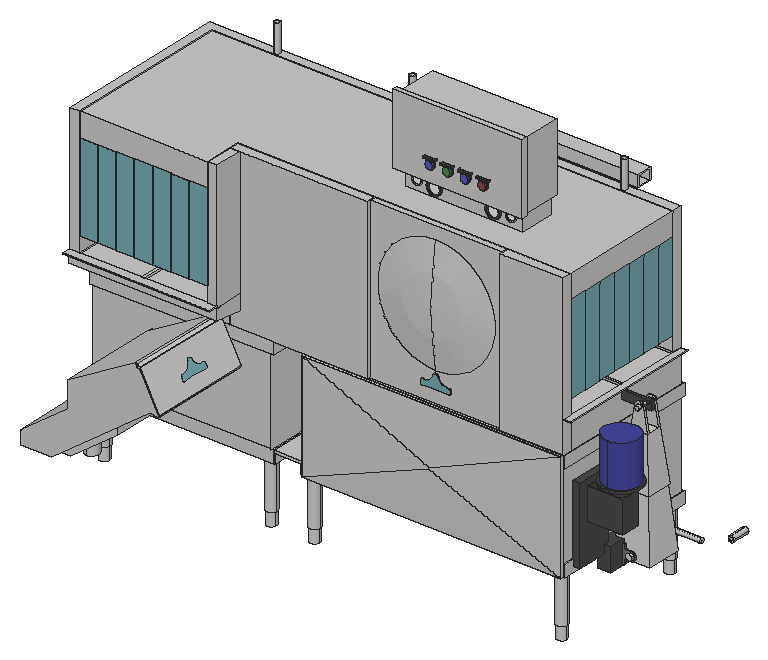
Revit family
Parameters (values of type "480/60/3")
  Width = 6' - 8"
  Weight in Pounds = 1450
  Watts = 15000 W
  Watermarked By = "http://revitwatermark.com"
  Waste Water Discharge Temperature [instance] = -459.67 °F
  Volts = 480 V
  Ventilation Remarks [instance] = ""
  URL Cutsheet = ""
  URL = "www.stero.com"
  Total Height = 5' - 10 1/2"
  Table Height = 2' - 10"
  Swing Doors [instance] = no
  Steam Supply Volume [instance] = 0.00 GPM
  Steam Supply Size = 3/4"
  Steam Supply RI Height [instance] = 0' - 0"
  Steam Supply Minimum Pressure = 15.00 psi
  Steam Supply Maximum Pressure = 40.00 psi
  Steam Supply Connection Height = 0' - 10"
  Steam Pounds per Hour = 100
  Status [instance] = ""
  Standard Doors [instance] = not(Swing Doors)  # yes
  Specification by User [instance] = ""
  Specification by Manufacturer = ""
  Serial Number [instance] = ""
  Seismic Rating [instance] = ""
  SMACNA No [instance] = ""
  Right Ventilation Remarks [instance] = ""
  Right Vent [instance] = no
  Right Exhaust Volume [instance] = if(Right Vent, 400 CFM, 0 CFM)  # 0 CFM
  Right Exhaust Vent Width = 0' - 3 7/8"
  Right Exhaust Vent Text = "Vent, Unload End"
  Right Exhaust Vent Depth = 2' - 0 7/8"
  Right Exhaust Static Press = 0.00 in-wg
  Right Exhaust RI Height [instance] = 0' - 0"
  Right Exhaust Item Number [instance] = "-"
  Right Drain [instance] = no
  Revision Code [instance] = ""
  Plumbing Remarks [instance] = ""
  Plumbing Connection Type [instance] = ""
  Phase = 3
  Number of Poles [instance] = 3
  No Left Vent [instance] = not(Left Vent)  # yes
  NAFEM Spec ID Number [instance] = ""
  Model = "ER-76SC"
  Mechanical Remarks [instance] = ""
  Mechanical Connection Type [instance] = ""
  Masterspec = ""
  Manufacturer = "Stero"
  Machine Height = 4' - 7 1/2"
  Left Vent [instance] = no
  Left Drain [instance] = not(Right Drain)  # yes
  Item Number [instance] = "-"
  Installed By [instance] = ""
  Indirect Waste Size = 2"
  Indirect Waste Flow [instance] = 0.00 GPM
  Indirect Waste Connection Type [instance] = ""
  Indirect Waste Connection Height = 0' - 6"
  Hot Water Temperature = 180 °F
  Hot Water Size = 3/4"
  Hot Water RI Height [instance] = 0' - 0"
  Hot Water Minimum Pressure = 20.00 psi
  Hot Water Maximum Pressure = 20.00 psi
  Hot Water Flow = 1.97 GPM
  Hot Water Consumption = 1.97 GPM
  Hot Water Connection Height = 5' - 0"
  HP = "3.58"
  Furnished By [instance] = ""
  Foodservice Equipment Identifier [instance] = yes
  FL Amps = 25 A
  Exhaust Volume [instance] = if(Left Vent, 200 CFM, 0 CFM)  # 0 CFM
  Exhaust Vent Width = 2' - 0 7/8"
  Exhaust Vent Text = "Vent, Load End"
  Exhaust Vent Depth = 0' - 3 7/8"
  Exhaust Static Press = 0.00 in-wg
  Exhaust RI Height [instance] = 0' - 0"
  Electrical Remarks [instance] = ""
  Electric Connection Type [instance] = ""
  Elec Conn RI Height [instance] = 0' - 0"
  Elec Conn Connection Height = 5' - 8 1/2"
  Double Door Opening [instance] = if(Swing Doors, 3' 0", 1' 10 1/2")  # 1' - 10 1/2"
  Description = "Rack Conveyor Series"
  Depth = 2' - 5 3/4"
  Cycle = 60 Hz
  Conn Conduit = yes
  Condensate Return Size = 1/2"
  Condensate Return RI Height [instance] = 0' - 0"
  Condensate Return Connection Height = 0' - 8"
  Cold Water Temperature Recommended [instance] = -459.67 °F
  Cold Water Size = 3/4"
  Cold Water RI Height [instance] = 0' - 0"
  Cold Water Minimum Pressure [instance] = 0.00 psi
  Cold Water Maximum Pressure [instance] = 0.00 psi
  Cold Water Flow [instance] = 0.00 GPM
  Cold Water Consumption [instance] = ""
  Cold Water Connection Height = 5' - 0"
  CSI MasterFormat = "11 48 13"
  Building Plumbing Remarks [instance] = ""
  Building Hot Water Temperature = 140 °F
  Building Hot Water Size = 3/4"
  Building Hot Water RI Height [instance] = 0' - 0"
  Building Hot Water Minimum Pressure [instance] = 0.00 psi
  Building Hot Water Maximum Pressure [instance] = 0.00 psi
  Building Hot Water Flow [instance] = 0.00 GPM
  Building Hot Water Consumption [instance] = 0.00 GPM
  Building Hot Water Connection Height = 5' - 0"
  Building HW Item Number [instance] = "-"
  Assembly Code = "E1090320"
  Apparent Power = if(Phase = 3, Volts * FL Amps * 1.73, Volts * FL Amps)  # 20760 VA
Reference planes (in)
  plane 1: z = 0
  plane 2 "Left of 44": x = 2.32772
  plane 3 "BACK": y = -48
  plane 4 "TOP": z = 70.5
  plane 5 "RIGHT": x = 46.32772
  plane 6 "Front of 44": y = -73
  plane 7 "Left of Top": x = 2.57772
  plane 8 "Right of Top": x = 46.07772
  plane 9 "Right of Ledge": x = 47.57772
  plane 10 "Right End Cowl": x = 56.07772
  plane 11: x = 49.14022
  plane 12 "Bottom of Machine": z = 10
  plane 13 "Table Height": z = 34
  plane 14 "Top of Machine": z = 55.5
  plane 15 "Panel Top": z = 28.5
  plane 16: z = 12
  plane 17: y = -73.5
  plane 18: y = -47.5
  plane 19: x = 2.07772
  plane 20: x = 46.57772
  plane 21: y = -49.625
  plane 22: y = -71.375
  plane 23 "Door Center": x = 24.32772
  plane 24: x = 13.07772
  plane 25: x = 35.57772
  plane 26 "Top of Opening": z = 51.5
  plane 27: z = 2.25
  plane 28: x = 14.32772
  plane 29: x = 34.32772
  plane 30: x = 13.32772
  plane 31: x = 35.32772
  plane 32 "Front of Lower Panel": y = -66.5
  plane 33: y = -60.5
  plane 34: y = -67
  plane 35 "Back of Panel": y = -60
  plane 36 "Front of Upper Panel": y = -68
  plane 37: x = 13.82772
  plane 38: x = 34.82772
  plane 39: x = 55.95272
  plane 40: x = 53.01522
  plane 41: y = -48.0625
  plane 42: y = -72.9375
  plane 43 "Top of Vents": z = 59.5
  plane 44: x = 9.82772
  plane 45: x = 38.82772
  plane 46: y = -45
  plane 47: z = 57.5
  plane 48: y = -43
  plane 49: z = 84.5
  plane 50 "LEFT": x = -33.67228
  plane 51: x = -34.04728
  plane 52: x = -3.29728
  plane 53: x = -2.92228
  plane 54 "FRONT": y = -77.75
  plane 55: y = -79.25
  plane 56: y = -77.9375
  plane 57: y = -80.8125
  plane 58: y = -84.6875
  plane 59: y = -87.75
  plane 60: y = -87.625
  plane 61: x = -32.04728
  plane 62: x = -10.29728
  plane 63: x = -8.67228
  plane 64: y = -73.8125
  plane 65: y = -91
  plane 66: z = 19.25
  plane 67: z = 23.25
  plane 68: x = -23.54728
  plane 69: x = -19.54728
  plane 70 "Drain": y = -51
  plane 71: y = -80
  plane 72: x = -28.17228
  plane 73: z = 8.5
  plane 74: x = -34.67228
  plane 75: x = 52.32772
  plane 76: x = 57.32772
  plane 77: z = 8
  plane 78: x = 13.32772
  plane 79: x = 35.32772
  plane 80: x = 25.76522
  plane 81: x = 24.39022
  plane 82: x = 24.26522
  plane 83: x = 22.89022
Forms (in)
  Extrusion 1, solid, material "QF_Finishes_Stainless Steel"
    sketch origin (0, 0, 10) x (0, 1, 0) y (-1, 0, 0)
      loop
        line (-47.5, -2.07772) -> (-73, -2.07772) -> (-73, -46.57772) -> (-47.5, -46.57772) -> (-47.5, -2.07772)
    from 0 to 2
  Extrusion 2, solid, material "QF_Finishes_Stainless Steel"
    sketch origin (0, 0, 28.5) x (0, 1, 0) y (-1, 0, 0)
      loop
        line (-48, -2.32772) -> (-73, -2.32772) -> (-73, -46.32772) -> (-48, -46.32772) -> (-48, -2.32772)
    from -2 to -16.5
  Extrusion 3, solid, material "QF_Finishes_Stainless Steel"
    sketch origin (0, 0, 34) x (0, 1, 0) y (-1, 0, 0)
      loop
        line (-48, -46.32772) -> (-73, -46.32772) -> (-73, -47.57772) -> (-48, -47.57772) -> (-48, -46.32772)
    from 0 to -0.125
  Extrusion 4, solid, material "QF_Finishes_Stainless Steel"
    sketch origin (0, 0, 34) x (0, 1, 0) y (-1, 0, 0)
      loop
        line (-48, 33.67228) -> (-73, 33.67228) -> (-73, 10.29728) -> (-71.375, 10.29728) -> (-71.375, -46.32772) -> (-48, -46.32772) -> (-48, 33.67228)
    from -0.25 to -5.5
  Extrusion 5, solid, material "QF_Finishes_Stainless Steel"
    sketch origin (0, 0, 34) x (0, 1, 0) y (-1, 0, 0)
      loop
        arc (-60.25, 17.92228) -> (-61.27513, 20.39716) -> (-63.75, 21.42228) r 3.5
        line (-63.75, 21.42228) -> (-77.75, 21.42228) -> (-77.75, 20.92228) -> (-63.75, 20.92228)
        arc (-63.75, 20.92228) -> (-61.62868, 20.0436) -> (-60.75, 17.92228) r 3
        line (-60.75, 17.92228) -> (-60.75, -46.32772) -> (-60.25, -46.32772) -> (-60.25, 17.92228)
      loop
        line (-48, 33.67228) -> (-77.75, 33.67228) -> (-77.75, 32.04728) -> (-49.625, 32.04728) -> (-49.625, -46.32772) -> (-48, -46.32772) -> (-48, 33.67228)
    from 0 to -0.25
  Extrusion 6, solid, material "QF_Finishes_Stainless Steel"
    sketch origin (0, 0, 55.5) x (0, 1, 0) y (-1, 0, 0)
      loop
        line (-49.625, 32.04728) -> (-77.75, 32.04728) -> (-77.75, 10.29728) -> (-71.375, 10.29728) -> (-71.375, -46.32772) -> (-49.625, -46.32772) -> (-49.625, 32.04728)
    from 0 to -4
  Extrusion 7, solid, material "QF_Finishes_Stainless Steel"
    sketch origin (0, 0, 55.5) x (0, 1, 0) y (-1, 0, 0)
      loop
        line (-48, 33.67228) -> (-77.75, 33.67228) -> (-77.75, 32.04728) -> (-49.625, 32.04728) -> (-49.625, -46.32772) -> (-48, -46.32772) -> (-48, 33.67228)
    from 0 to -21.5
  Blend 8, solid, material "QF_Finishes_Stainless Steel"
    base sketch origin (-15.01335, -74, 48) x (-1, 0, 0) y (0, 0, 1)
      loop
        line (-17.34107, -19.5) -> (-61.34107, -19.5) -> (-61.34107, -38) -> (-17.34107, -38) -> (-17.34107, -19.5)
    top sketch origin (-15.01335, -74, 48) x (-1, 0, 0) y (0, 0, 1)
      loop
        line (-39.37232, -28.71875) -> (-39.37232, -28.78125) -> (-39.30982, -28.78125) -> (-39.30982, -28.71875) -> (-39.37232, -28.71875)
    from 0.5 to 0
  Extrusion 9, solid, material "QF_Finishes_Stainless Steel"
    sketch origin (0, 0, 10) x (0, 1, 0) y (-1, 0, 0)
      loop
        line (-73, -2.32772) -> (-73.5, -2.32772) -> (-73.5, -46.32772) -> (-73, -46.32772) -> (-73, -2.32772)
    from 0 to 18.5
  Extrusion 10, solid, material "QF_Finishes_Stainless Steel"
    sketch origin (0, -73, 0) x (-1, 0, 0) y (0, 0, 1)
      loop
        line (-35.57772, 55.5) -> (-46.32772, 55.5) -> (-46.32772, 28.5) -> (-35.57772, 28.5) -> (-35.57772, 55.5)
    from 0 to 1.625
  Extrusion 11, solid, material "QF_Finishes_Stainless Steel", visible <- "Standard Doors"
    sketch origin (0, 0, 55.5) x (0, 1, 0) y (-1, 0, 0)
      loop
        line (-71.375, -13.07772) -> (-72.5, -13.07772) -> (-72.5, -35.57772) -> (-71.375, -35.57772) -> (-71.375, -13.07772)
    from 0 to -27
  Revolve 12, solid, material "QF_Finishes_Stainless Steel", visible <- "Standard Doors"
    sketch origin (24.32772, 0, 0) x (0, 1, 0) y (0, 0, 1)
      loop
        line (-72.5, 43.5) -> (-72.5, 53.5)
        arc (-72.5, 53.5) -> (-73.26244, 48.52624) -> (-73.5, 43.5) r 48
        line (-73.5, 43.5) -> (-72.5, 43.5)
      axis (-72.5, 43.5) -> (-73.5, 43.5)
    angle from 0 to 360
  Extrusion 13, solid, material "QF_Finishes_Stainless Steel"
    sketch origin (0, 0, 0) x (1, 0, 0) y (0, 1, 0)
      loop
        circle (3.32772, -49) r 0.8125
    from 0 to 2.25
  Extrusion 14, solid, material "QF_Finishes_Stainless Steel"
    sketch origin (0, 0, 0) x (1, 0, 0) y (0, 1, 0)
      loop
        circle (3.32772, -49) r 0.9375
    from 2.25 to 10
  Extrusion 15, solid, material "QF_Finishes_Stainless Steel"
    sketch origin (48.65544, 0, 0) x (-1, 0, 0) y (0, -1, 0)
      loop
        circle (3.32772, 49) r 0.8125
    from 0 to 2.25
  Extrusion 16, solid, material "QF_Finishes_Stainless Steel"
    sketch origin (48.65544, 0, 0) x (-1, 0, 0) y (0, -1, 0)
      loop
        circle (3.32772, 49) r 0.9375
    from 2.25 to 10
  Extrusion 17, solid, material "QF_Finishes_Stainless Steel"
    sketch origin (0, -121, 0) x (1, 0, 0) y (0, 1, 0)
      loop
        circle (3.32772, 49) r 0.8125
    from 0 to 2.25
  Extrusion 18, solid, material "QF_Finishes_Stainless Steel"
    sketch origin (0, -121, 0) x (1, 0, 0) y (0, 1, 0)
      loop
        circle (3.32772, 49) r 0.9375
    from 2.25 to 10
  Extrusion 19, solid, material "QF_Finishes_Stainless Steel"
    sketch origin (48.65544, -121, 0) x (-1, 0, 0) y (0, -1, 0)
      loop
        circle (3.32772, -49) r 0.8125
    from 0 to 2.25
  Extrusion 20, solid, material "QF_Finishes_Stainless Steel"
    sketch origin (48.65544, -121, 0) x (-1, 0, 0) y (0, -1, 0)
      loop
        circle (3.32772, -49) r 0.9375
    from 2.25 to 10
  Extrusion 21, solid, material "QF_Finishes_Light Blue"
    sketch origin (0, 0, 51.5) x (0, 1, 0) y (-1, 0, 0)
      loop
        line (-49.625, -46.32772) -> (-49.625, -46.20272) -> (-52.625, -46.20272) -> (-52.625, -46.32772) -> (-49.625, -46.32772)
      loop
        line (-52.75, -46.32772) -> (-52.75, -46.20272) -> (-55.75, -46.20272) -> (-55.75, -46.32772) -> (-52.75, -46.32772)
      loop
        line (-55.875, -46.32772) -> (-55.875, -46.20272) -> (-58.875, -46.20272) -> (-58.875, -46.32772) -> (-55.875, -46.32772)
      loop
        line (-59, -46.32772) -> (-59, -46.20272) -> (-62, -46.20272) -> (-62, -46.32772) -> (-59, -46.32772)
      loop
        line (-62.125, -46.32772) -> (-62.125, -46.20272) -> (-65.125, -46.20272) -> (-65.125, -46.32772) -> (-62.125, -46.32772)
      loop
        line (-65.25, -46.32772) -> (-65.25, -46.20272) -> (-68.25, -46.20272) -> (-68.25, -46.32772) -> (-65.25, -46.32772)
      loop
        line (-68.375, -46.32772) -> (-68.375, -46.20272) -> (-71.375, -46.20272) -> (-71.375, -46.32772) -> (-68.375, -46.32772)
    from 0 to -15
  Extrusion 22, solid, material "QF_Finishes_Stainless Steel"
    sketch origin (0, 0, 55.5) x (0, 1, 0) y (-1, 0, 0)
      loop
        line (-60.5, -14.32772) -> (-66.5, -14.32772) -> (-66.5, -34.32772) -> (-60.5, -34.32772) -> (-60.5, -14.32772)
    from 0 to 3.5
  Extrusion 23, solid, material "QF_Finishes_Stainless Steel"
    sketch origin (0, 0, 55.5) x (0, 1, 0) y (-1, 0, 0)
      loop
        line (-60, -13.82772) -> (-67, -13.82772) -> (-67, -34.82772) -> (-60, -34.82772) -> (-60, -13.82772)
    from 3 to 14.5
  Extrusion 24, solid, material "QF_Finishes_Stainless Steel"
    sketch origin (0, 0, 55.5) x (0, 1, 0) y (-1, 0, 0)
      loop
        line (-67, -13.32772) -> (-68, -13.32772) -> (-68, -35.32772) -> (-67, -35.32772) -> (-67, -13.32772)
    from 3 to 15
  Extrusion 25, solid, material "QF_Finishes_Black"
    sketch origin (0, -66.5, 0) x (-1, 0, 0) y (0, 0, 1)
      loop
        circle (-19.32772, 57) r 1.25
      loop
        circle (-19.32772, 57) r 1
    from 0 to -0.25
  Extrusion 26, solid, material "QF_Finishes_Stainless Steel"
    sketch origin (0, -66.5, 0) x (-1, 0, 0) y (0, 0, 1)
      loop
        circle (-16.32772, 57.25) r 0.75
      loop
        circle (-16.32772, 57.25) r 0.875
    from 0 to -0.125
  Extrusion 27, solid, material "QF_Finishes_White"
    sketch origin (0, -66.5, 0) x (-1, 0, 0) y (0, 0, 1)
      loop
        circle (-16.32772, 57.25) r 0.75
    from 0 to -0.0625
  Extrusion 28, solid, material "QF_Finishes_White"
    sketch origin (0, -66.5, 0) x (-1, 0, 0) y (0, 0, 1)
      loop
        circle (-19.32772, 57) r 1
    from 0 to -0.0625
  Extrusion 29, solid, material "QF_Finishes_Black"
    sketch origin (48.65544, -66.5, 0) x (1, 0, 0) y (0, 0, -1)
      loop
        circle (-19.32772, -57) r 1.25
      loop
        circle (-19.32772, -57) r 1
    from 0 to -0.25
  Extrusion 30, solid, material "QF_Finishes_Stainless Steel"
    sketch origin (48.65544, -66.5, 0) x (1, 0, 0) y (0, 0, -1)
      loop
        circle (-16.32772, -57.25) r 0.75
      loop
        circle (-16.32772, -57.25) r 0.875
    from 0 to -0.125
  Extrusion 31, solid, material "QF_Finishes_White"
    sketch origin (48.65544, -66.5, 0) x (1, 0, 0) y (0, 0, -1)
      loop
        circle (-16.32772, -57.25) r 0.75
    from 0 to -0.0625
  Extrusion 32, solid, material "QF_Finishes_White"
    sketch origin (48.65544, -66.5, 0) x (1, 0, 0) y (0, 0, -1)
      loop
        circle (-19.32772, -57) r 1
    from 0 to -0.0625
  Extrusion 33, solid, material "QF_Finishes_Black"
    sketch origin (0, -68, 0) x (-1, 0, 0) y (0, 0, 1)
      loop
        line (-23.82772, 62.5) -> (-23.82772, 62.25) -> (-21.82772, 62.25) -> (-21.82772, 62.5) -> (-23.82772, 62.5)
      loop
        line (-20.82772, 62.5) -> (-20.82772, 62.25) -> (-18.82772, 62.25) -> (-18.82772, 62.5) -> (-20.82772, 62.5)
      loop
        line (-24.82772, 62.5) -> (-26.82772, 62.5) -> (-26.82772, 62.25) -> (-24.82772, 62.25) -> (-24.82772, 62.5)
      loop
        line (-27.82772, 62.5) -> (-29.82772, 62.5) -> (-29.82772, 62.25) -> (-27.82772, 62.25) -> (-27.82772, 62.5)
    from 0 to -0.5
  Extrusion 34, solid, material "QF_Finishes_Navy Blue"
    sketch origin (0, -68, 0) x (-1, 0, 0) y (0, 0, 1)
      loop
        circle (-19.82772, 61.375) r 0.625
    from -0.125 to -0.375
  Extrusion 35, solid, material "QF_Finishes_LED Green"
    sketch origin (3, -68, 0) x (-1, 0, 0) y (0, 0, 1)
      loop
        circle (-19.82772, 61.375) r 0.625
    from -0.125 to -0.375
  Extrusion 36, solid, material "QF_Finishes_Navy Blue"
    sketch origin (6, -68, 0) x (-1, 0, 0) y (0, 0, 1)
      loop
        circle (-19.82772, 61.375) r 0.625
    from -0.125 to -0.375
  Extrusion 37, solid, material "QF_Finishes_LED Red"
    sketch origin (9, -68, 0) x (-1, 0, 0) y (0, 0, 1)
      loop
        circle (-19.82772, 61.375) r 0.625
    from -0.125 to -0.375
  Extrusion 38, solid, material "QF_Finishes_Black"
    sketch origin (0, -68, 0) x (-1, 0, 0) y (0, 0, 1)
      loop
        arc (-20.57772, 61.375) -> (-19.82772, 60.625) -> (-19.07772, 61.375) r 0.75
        line (-19.07772, 61.375) -> (-19.07772, 62.25) -> (-20.57772, 62.25) -> (-20.57772, 61.375)
      loop
        arc (-23.57772, 61.375) -> (-22.82772, 60.625) -> (-22.07772, 61.375) r 0.75
        line (-22.07772, 61.375) -> (-22.07772, 62.25) -> (-23.57772, 62.25) -> (-23.57772, 61.375)
      loop
        arc (-26.57772, 61.375) -> (-25.82772, 60.625) -> (-25.07772, 61.375) r 0.75
        line (-25.07772, 61.375) -> (-25.07772, 62.25) -> (-26.57772, 62.25) -> (-26.57772, 61.375)
      loop
        arc (-29.57772, 61.375) -> (-28.82772, 60.625) -> (-28.07772, 61.375) r 0.75
        line (-28.07772, 61.375) -> (-28.07772, 62.25) -> (-29.57772, 62.25) -> (-29.57772, 61.375)
    from 0 to -0.125
  Extrusion 39, solid, material "QF_Finishes_Light Blue", visible <- "Standard Doors"
    sketch origin (0, -73, 0) x (-1, 0, 0) y (0, 0, 1)
      loop
        line (-23.71645, 30.65632) -> (-22.08461, 30.57309)
        arc (-22.08461, 30.57309) -> (-21.90443, 30.64773) -> (-21.82979, 30.82792) r 0.25483
        line (-21.82979, 30.82792) -> (-21.82979, 31.31285)
        arc (-21.82979, 31.31285) -> (-21.90343, 31.49062) -> (-22.08121, 31.56426) r 0.25142
        arc (-22.08121, 31.56426) -> (-23.22593, 31.7803) -> (-23.90311, 32.72819) r 1.56264
        arc (-23.90311, 32.72819) -> (-24.31726, 33.06213) -> (-24.74741, 32.74907) r 0.43733
        arc (-24.74741, 32.74907) -> (-25.42049, 31.78611) -> (-26.57423, 31.56426) r 1.56264
        arc (-26.57423, 31.56426) -> (-26.75201, 31.49062) -> (-26.82565, 31.31285) r 0.25142
        line (-26.82565, 31.31285) -> (-26.82565, 30.82792)
        arc (-26.82565, 30.82792) -> (-26.75101, 30.64773) -> (-26.57082, 30.57309) r 0.25483
        line (-26.57082, 30.57309) -> (-24.93898, 30.65632)
        arc (-24.93898, 30.65632) -> (-24.32772, 30.6719) -> (-23.71645, 30.65632) r 12
    from 0.5 to 0.4375
  Extrusion 40, solid, material "QF_Finishes_Stainless Steel", visible <- "Right Vent"
    sketch origin (46.07772, 0, 0) x (0, -1, 0) y (0, 0, 1)
      loop
        line (73, 55.5) -> (48, 55.5) -> (48, 50.5625) -> (49.625, 48.9375) -> (49.625, 49.11428) -> (48.125, 50.61428) -> (48.125, 55.375) -> (72.875, 55.375) -> (72.875, 39.17678) -> (71.375, 37.67678) -> (71.375, 37.5) -> (73, 39.125) -> (73, 55.5)
    from 0 to -9.875
  Extrusion 41, solid, material "QF_Finishes_Stainless Steel", visible <- "Right Vent"
    sketch origin (56.07772, 0, 0) x (0, 1, 0) y (0, 0, 1)
      loop
        line (-71.375, 37.5) -> (-71.375, 51.5) -> (-49.625, 51.5) -> (-49.625, 48.9375) -> (-48, 50.5625) -> (-48, 55.5) -> (-73, 55.5) -> (-73, 39.125) -> (-71.375, 37.5)
    from 0 to -0.125
  Extrusion 42, solid, material "QF_Finishes_Stainless Steel", visible <- "Right Vent"
    sketch origin (48.65544, 0, 55.5) x (0, 1, 0) y (-1, 0, 0)
      loop
        line (-48.0625, -4.35978) -> (-48.0625, -0.48478) -> (-72.9375, -0.48478) -> (-72.9375, -4.35978) -> (-48.0625, -4.35978)
      loop
        line (-48.1875, -4.23478) -> (-48.1875, -0.60978) -> (-72.8125, -0.60978) -> (-72.8125, -4.23478) -> (-48.1875, -4.23478)
    from 0 to 4
  Extrusion 43, void
    sketch origin (0, 0, 55.5) x (0, 1, 0) y (-1, 0, 0)
      loop
        line (-48.1875, -49.26522) -> (-72.8125, -49.26522) -> (-72.8125, -52.89022) -> (-48.1875, -52.89022) -> (-48.1875, -49.26522)
    from 0 to -0.125
  Extrusion 44, solid, material "QF_Finishes_Black"
    sketch origin (0, -73, 0) x (-1, 0, 0) y (0, 0, 1)
      loop
        line (-46.57772, 12) -> (-46.32772, 12) -> (-46.32772, 23.9375) -> (-47.70272, 23.9375) -> (-47.70272, 10.9375) -> (-46.57772, 10.9375) -> (-46.57772, 12)
    from 1.8125 to 7.8125
  Extrusion 45, solid, material "QF_Finishes_Black"
    sketch origin (0, 0, 10) x (0, 1, 0) y (-1, 0, 0)
      loop
        line (-66.875, -52.32772) -> (-66.875, -47.95272) -> (-69.5, -47.95272) -> (-69.5, -52.32772)
        arc (-69.5, -52.32772) -> (-68.1875, -51.01522) -> (-66.875, -52.32772) r 1.3125
      loop
        line (-69.75, -53.95272) -> (-66.625, -53.95272) -> (-66.625, -47.70272) -> (-69.75, -47.70272) -> (-69.75, -53.95272)
    from 7.6875 to 12.9375
  Extrusion 46, solid, material "QF_Finishes_Black"
    sketch origin (0, 0, 10) x (0, 1, 0) y (-1, 0, 0)
      loop
        circle (-68.1875, -52.32772) r 1.0625
    from 7.1875 to 7.6875
  Extrusion 47, solid, material "QF_Finishes_Black"
    sketch origin (0, 0, 10) x (0, 1, 0) y (-1, 0, 0)
      loop
        circle (-68.1875, -52.32772) r 1.3125
    from 12.9375 to 13.4375
  Blend 48, solid, material "QF_Finishes_Black"
    base sketch origin (0, 0, 10) x (0, 1, 0) y (-1, 0, 0)
      loop
        circle (-68.1875, -52.32772) r 1.3125
    top sketch origin (0, 0, 10) x (0, 1, 0) y (-1, 0, 0)
      loop
        circle (-68.1875, -52.32772) r 2.0625
    from 13.4375 to 14.4375
  Extrusion 49, solid, material "QF_Finishes_Black"
    sketch origin (0, 0, 10) x (0, 1, 0) y (-1, 0, 0)
      loop
        circle (-68.1875, -52.32772) r 3.25
    from 14.4375 to 14.8125
  Extrusion 50, solid, material "QF_Finishes_Blue"
    sketch origin (0, 0, 10) x (0, 1, 0) y (-1, 0, 0)
      loop
        circle (-68.1875, -52.32772) r 2.875
    from 14.8125 to 21.9375
  Extrusion 51, solid, material "QF_Finishes_Black"
    sketch origin (0, -73, 0) x (-1, 0, 0) y (0, 0, 1)
      loop
        line (-46.32772, 33.1875) -> (-51.57772, 33.1875) -> (-51.57772, 31.6875) -> (-46.32772, 31.6875) -> (-46.32772, 33.1875)
      loop
        circle (-50.32772, 32.4375) r 0.375
    from 12.3125 to 12.6875
  Extrusion 52, solid, material "QF_Finishes_Black"
    sketch origin (0, -73, 0) x (-1, 0, 0) y (0, 0, 1)
      loop
        line (-46.32772, 12) -> (-46.32772, 12.4375) -> (-48.82772, 12.4375) -> (-48.82772, 8.4375) -> (-46.57772, 8.4375) -> (-46.57772, 12) -> (-46.32772, 12)
    from 7 to 18
  Extrusion 53, solid, material "QF_Finishes_Dark Grey"
    sketch origin (0, -73, 0) x (-1, 0, 0) y (0, 0, 1)
      loop
        line (-48.82772, 12.125) -> (-49.07772, 12.125)
        arc (-49.07772, 12.125) -> (-49.2545, 12.05178) -> (-49.32772, 11.875) r 0.25
        line (-49.32772, 11.875) -> (-49.32772, 11.5625)
        arc (-49.32772, 11.5625) -> (-49.43755, 11.29733) -> (-49.70272, 11.1875) r 0.375
        line (-49.70272, 11.1875) -> (-50.32772, 11.1875)
        arc (-50.32772, 11.1875) -> (-51.07772, 10.4375) -> (-50.32772, 9.6875) r 0.75
        line (-50.32772, 9.6875) -> (-49.70272, 9.6875)
        arc (-49.70272, 9.6875) -> (-49.43755, 9.57767) -> (-49.32772, 9.3125) r 0.375
        line (-49.32772, 9.3125) -> (-49.32772, 9)
        arc (-49.32772, 9) -> (-49.2545, 8.82322) -> (-49.07772, 8.75) r 0.25
        line (-49.07772, 8.75) -> (-48.82772, 8.75) -> (-48.82772, 12.125)
      loop
        circle (-50.32772, 10.4375) r 0.5
    from 9.375 to 9.5
  Extrusion 54, solid, material "QF_Finishes_Dark Grey"
    sketch origin (0, -66.875, 0) x (-1, 0, 0) y (0, 0, 1)
      loop
        line (-48.82772, 12.125) -> (-49.07772, 12.125)
        arc (-49.07772, 12.125) -> (-49.2545, 12.05178) -> (-49.32772, 11.875) r 0.25
        line (-49.32772, 11.875) -> (-49.32772, 11.5625)
        arc (-49.32772, 11.5625) -> (-49.43755, 11.29733) -> (-49.70272, 11.1875) r 0.375
        line (-49.70272, 11.1875) -> (-50.32772, 11.1875)
        arc (-50.32772, 11.1875) -> (-51.07772, 10.4375) -> (-50.32772, 9.6875) r 0.75
        line (-50.32772, 9.6875) -> (-49.70272, 9.6875)
        arc (-49.70272, 9.6875) -> (-49.43755, 9.57767) -> (-49.32772, 9.3125) r 0.375
        line (-49.32772, 9.3125) -> (-49.32772, 9)
        arc (-49.32772, 9) -> (-49.2545, 8.82322) -> (-49.07772, 8.75) r 0.25
        line (-49.07772, 8.75) -> (-48.82772, 8.75) -> (-48.82772, 12.125)
      loop
        circle (-50.32772, 10.4375) r 0.5
    from 9.375 to 9.5
  Extrusion 55, solid, material "QF_Finishes_Stainless Steel"
    sketch origin (0, -73, 0) x (-1, 0, 0) y (0, 0, 1)
      loop
        circle (-50.32772, 32.4375) r 0.375
      loop
        line (-51.06584, 32.57045) -> (-51.76522, 28.6875) -> (-48.89022, 28.6875) -> (-49.5896, 32.57045)
        arc (-49.5896, 32.57045) -> (-50.32772, 33.1875) -> (-51.06584, 32.57045) r 0.75
    from 11.25 to 11.375
  Extrusion 56, solid, material "QF_Finishes_Stainless Steel"
    sketch origin (0, -48, 0) x (-1, 0, 0) y (0, 0, -1)
      loop
        circle (-50.32772, -32.4375) r 0.375
      loop
        arc (-51.06584, -32.57045) -> (-50.32772, -33.1875) -> (-49.5896, -32.57045) r 0.75
        line (-49.5896, -32.57045) -> (-48.89022, -28.6875) -> (-51.76522, -28.6875) -> (-51.06584, -32.57045)
    from 11.25 to 11.375
  Extrusion 57, solid, material "QF_Finishes_Stainless Steel"
    sketch origin (0, -73, 0) x (-1, 0, 0) y (0, 0, 1)
      loop
        circle (-50.32772, 32.4375) r 0.375
    from 10.75 to 14.25
  Blend 58, solid, material "QF_Finishes_Stainless Steel"
    base sketch origin (0, 0, 34) x (0, 1, 0) y (-1, 0, 0)
      loop
        line (-58.25, -47.89022) -> (-62.75, -47.89022) -> (-62.75, -52.76522) -> (-58.25, -52.76522) -> (-58.25, -47.89022)
    top sketch origin (0, 0, 34) x (0, 1, 0) y (-1, 0, 0)
      loop
        line (-59.25, -48.89022) -> (-61.75, -48.89022) -> (-61.75, -51.76522) -> (-59.25, -51.76522) -> (-59.25, -48.89022)
    from -14.0625 to -5.3125
  Blend 59, solid, material "QF_Finishes_Stainless Steel"
    base sketch origin (0, 0, 25.25) x (0, 1, 0) y (-1, 0, 0)
      loop
        line (-57.5, -47.14022) -> (-63.5, -47.14022) -> (-63.5, -53.51522) -> (-57.5, -53.51522) -> (-57.5, -47.14022)
    top sketch origin (0, 0, 25.25) x (0, 1, 0) y (-1, 0, 0)
      loop
        line (-58.5, -48.14022) -> (-62.5, -48.14022) -> (-62.5, -52.51522) -> (-58.5, -52.51522) -> (-58.5, -48.14022)
    from -15.5625 to -5.3125
  Extrusion 60, solid, material "QF_Finishes_Stainless Steel"
    sketch origin (0, -73, -22) x (-1, 0, 0) y (0, 0, 1)
      loop
        circle (-50.32772, 32.4375) r 0.5
    from 9 to 16
  Extrusion 61, solid, material "QF_Finishes_Stainless Steel"
    sketch origin (0, 0, 55.5) x (0, 1, 0) y (-1, 0, 0)
      loop
        circle (-48.75, -37.32772) r 0.375
      loop
        circle (-48.75, -37.32772) r 0.5
    from 0 to 4.5
  Extrusion 62, solid, material "QF_Finishes_Stainless Steel"
    sketch origin (2.32772, 0, 0) x (0, 1, 0) y (0, 0, 1)
      loop
        line (-45, 57.5) -> (-47.75, 57.5) -> (-47.75, 55.5) -> (-45, 55.5) -> (-45, 57.5)
      loop
        line (-45.125, 57.375) -> (-47.625, 57.375) -> (-47.625, 55.625) -> (-45.125, 55.625) -> (-45.125, 57.375)
    from 7.5 to 36.5
  Extrusion 63, solid, material "QF_Finishes_Stainless Steel"
    sketch origin (2.32772, 0, 0) x (0, 1, 0) y (0, 0, 1)
      loop
        line (-47.75, 55.5) -> (-47.75, 55.625) -> (-48, 55.625) -> (-48, 55.5) -> (-47.75, 55.5)
    from 7.5 to 36.5
  Extrusion 64, solid, material "QF_Finishes_Stainless Steel"
    sketch origin (0, -60, 0) x (-1, 0, 0) y (0, 0, 1)
      loop
        circle (-34.32772, 68.5) r 0.25
    from 0 to 0.0625
  Extrusion 65, solid, material "QF_Finishes_Stainless Steel"
    sketch origin (0, -1, 10) x (0, 1, 0) y (-1, 0, 0)
      loop
        circle (-50, -18.32772) r 1
      loop
        circle (-50, -18.32772) r 1.125
    from 0 to -4
  Extrusion 66, solid, material "QF_Finishes_Clearance", detail levels coarse
    sketch origin (0, 0, 0) x (1, 0, 0) y (0, 1, 0)
      loop
        line (-34.67228, -47.5) -> (9.82772, -47.5) -> (9.82772, -45) -> (38.82772, -45) -> (38.82772, -47.5) -> (47.57772, -47.5) -> (47.57772, -43) -> (-34.67228, -43) -> (-34.67228, -47.5)
    from 0 to 70.5
  Extrusion 67, solid, material "QF_Finishes_Clearance", visible <- "Standard Doors", detail levels coarse
    sketch origin (0, -73, 0) x (-1, 0, 0) y (0, 0, 1)
      loop
        line (-13.07772, 84.5) -> (-35.57772, 84.5) -> (-35.57772, 55.5) -> (-13.07772, 55.5) -> (-13.07772, 84.5)
    from 0 to 1.625
  Extrusion 68, solid, material "QF_Finishes_Clearance", visible <- "Right Vent", detail levels coarse
    sketch origin (0, 0, 0) x (1, 0, 0) y (0, 1, 0)
      loop
        line (47.57772, -43) -> (47.57772, -47.5) -> (56.07772, -47.5) -> (56.07772, -43) -> (47.57772, -43)
    from 0 to 70.5
  Extrusion 69, solid, material "QF_Finishes_Stainless Steel"
    sketch origin (-81.67228, -80.32772, 34) x (-1, 0, 0) y (0, -1, 0)
      loop
        line (-48, -2.57772) -> (-48, -1.07772) -> (-73, -1.07772) -> (-73, -2.57772) -> (-48, -2.57772)
    from 0 to -0.125
  Extrusion 70, solid, material "QF_Finishes_Stainless Steel", visible <- "Left Vent"
    sketch origin (-81.67228, -77.75, 0) x (-1, 0, 0) y (0, 0, 1)
      loop
        line (-73, 55.5) -> (-73, 39.125) -> (-71.375, 37.5) -> (-71.375, 37.67678) -> (-72.875, 39.17678) -> (-72.875, 55.375) -> (-48.125, 55.375) -> (-48.125, 50.61428) -> (-49.625, 49.11428) -> (-49.625, 48.9375) -> (-48, 50.5625) -> (-48, 55.5) -> (-73, 55.5)
    from 0 to -9.875
  Extrusion 71, solid, material "QF_Finishes_Stainless Steel", visible <- "Left Vent"
    sketch origin (-81.67228, -87.75, 0) x (-1, 0, 0) y (0, 0, 1)
      loop
        line (-71.375, 37.5) -> (-71.375, 51.5) -> (-49.625, 51.5) -> (-49.625, 48.9375) -> (-48, 50.5625) -> (-48, 55.5) -> (-73, 55.5) -> (-73, 39.125) -> (-71.375, 37.5)
    from 0 to 0.125
  Extrusion 72, solid, material "QF_Finishes_Stainless Steel", visible <- "Left Vent"
    sketch origin (-81.67228, -80.32772, 55.5) x (-1, 0, 0) y (0, -1, 0)
      loop
        line (-48.0625, 4.35978) -> (-72.9375, 4.35978) -> (-72.9375, 0.48478) -> (-48.0625, 0.48478) -> (-48.0625, 4.35978)
      loop
        line (-48.1875, 4.23478) -> (-72.8125, 4.23478) -> (-72.8125, 0.60978) -> (-48.1875, 0.60978) -> (-48.1875, 4.23478)
    from 0 to 4
  Extrusion 73, solid, material "QF_Finishes_Stainless Steel"
    sketch origin (0, 0, 26.5) x (0, 1, 0) y (-1, 0, 0)
      loop
        line (-47.5, -2.07772) -> (-73, -2.07772) -> (-73, -46.57772) -> (-47.5, -46.57772) -> (-47.5, -2.07772)
    from 0 to 2
  Extrusion 74, solid, material "QF_Finishes_Stainless Steel"
    sketch origin (-49.5, 0, 10) x (0, 1, 0) y (-1, 0, 0)
      loop
        line (-47.5, -15.45272) -> (-73, -15.45272) -> (-73, -46.57772) -> (-47.5, -46.57772) -> (-47.5, -15.45272)
    from 0 to 2
  Extrusion 75, solid, material "QF_Finishes_Stainless Steel"
    sketch origin (-49.5, 0, 26.5) x (0, 1, 0) y (-1, 0, 0)
      loop
        line (-47.5, -15.45272) -> (-73, -15.45272) -> (-73, -46.57772) -> (-47.5, -46.57772) -> (-47.5, -15.45272)
    from 0 to 2
  Extrusion 76, solid, material "QF_Finishes_Stainless Steel"
    sketch origin (-52.5, 0, 28.5) x (0, 1, 0) y (-1, 0, 0)
      loop
        line (-48, -18.82772) -> (-73, -18.82772) -> (-73, -49.20272) -> (-48, -49.20272) -> (-48, -18.82772)
    from -2 to -16.5
  Extrusion 77, solid, material "QF_Finishes_Light Blue"
    sketch origin (-81.67228, -31.42228, 51.5) x (-1, 0, 0) y (0, -1, 0)
      loop
        line (-49.625, 46.32772) -> (-52.625, 46.32772) -> (-52.625, 46.20272) -> (-49.625, 46.20272) -> (-49.625, 46.32772)
      loop
        line (-52.75, 46.32772) -> (-55.75, 46.32772) -> (-55.75, 46.20272) -> (-52.75, 46.20272) -> (-52.75, 46.32772)
      loop
        line (-55.875, 46.32772) -> (-58.875, 46.32772) -> (-58.875, 46.20272) -> (-55.875, 46.20272) -> (-55.875, 46.32772)
      loop
        line (-59, 46.32772) -> (-62, 46.32772) -> (-62, 46.20272) -> (-59, 46.20272) -> (-59, 46.32772)
      loop
        line (-62.125, 46.32772) -> (-65.125, 46.32772) -> (-65.125, 46.20272) -> (-62.125, 46.20272) -> (-62.125, 46.32772)
      loop
        line (-65.25, 46.32772) -> (-68.25, 46.32772) -> (-68.25, 46.20272) -> (-65.25, 46.20272) -> (-65.25, 46.32772)
      loop
        line (-68.375, 46.32772) -> (-71.375, 46.32772) -> (-71.375, 46.20272) -> (-68.375, 46.20272) -> (-68.375, 46.32772)
    from 0 to -15
  Extrusion 78, solid, material "QF_Finishes_Stainless Steel"
    sketch origin (-33.67228, 0, 0) x (0, 1, 0) y (0, 0, 1)
      loop
        line (-73, 33.75) -> (-77.9375, 33.75) -> (-77.9375, 31.875) -> (-73, 31.25) -> (-73, 33.75)
    from 0 to 25
  Extrusion 79, solid, material "QF_Finishes_Stainless Steel"
    sketch origin (0, 0, 55.5) x (0, 1, 0) y (-1, 0, 0)
      loop
        line (-73, -13.07772) -> (-71.375, -13.07772) -> (-71.375, 10.29728) -> (-73, 10.29728) -> (-73, -13.07772)
    from 0 to -27
  Extrusion 80, solid, material "QF_Finishes_Stainless Steel"
    sketch origin (0, 0, 55.5) x (0, 1, 0) y (-1, 0, 0)
      loop
        line (-73, 10.29728) -> (-77.75, 10.29728) -> (-77.75, 8.67228) -> (-73, 8.67228) -> (-73, 10.29728)
    from 0 to -21.75
  Extrusion 81, solid, material "QF_Finishes_Stainless Steel"
    sketch origin (-7.375, 0, 0) x (1, 0, 0) y (0, 1, 0)
      loop
        circle (3.32772, -49) r 0.8125
    from 0 to 2.25
  Extrusion 82, solid, material "QF_Finishes_Stainless Steel"
    sketch origin (-7.375, 0, 0) x (1, 0, 0) y (0, 1, 0)
      loop
        circle (3.32772, -49) r 0.9375
    from 2.25 to 10
  Extrusion 83, solid, material "QF_Finishes_Stainless Steel"
    sketch origin (-7.375, -121, 0) x (1, 0, 0) y (0, 1, 0)
      loop
        circle (3.32772, 49) r 0.8125
    from 0 to 2.25
  Extrusion 84, solid, material "QF_Finishes_Stainless Steel"
    sketch origin (-7.375, -121, 0) x (1, 0, 0) y (0, 1, 0)
      loop
        circle (3.32772, 49) r 0.9375
    from 2.25 to 10
  Extrusion 85, solid, material "QF_Finishes_Stainless Steel"
    sketch origin (-35.75, 0, 0) x (1, 0, 0) y (0, 1, 0)
      loop
        circle (3.32772, -49) r 0.8125
    from 0 to 2.25
  Extrusion 86, solid, material "QF_Finishes_Stainless Steel"
    sketch origin (-35.75, 0, 0) x (1, 0, 0) y (0, 1, 0)
      loop
        circle (3.32772, -49) r 0.9375
    from 2.25 to 10
  Extrusion 87, solid, material "QF_Finishes_Stainless Steel"
    sketch origin (-35.75, -121, 0) x (1, 0, 0) y (0, 1, 0)
      loop
        circle (3.32772, 49) r 0.8125
    from 0 to 2.25
  Extrusion 88, solid, material "QF_Finishes_Stainless Steel"
    sketch origin (-35.75, -121, 0) x (1, 0, 0) y (0, 1, 0)
      loop
        circle (3.32772, 49) r 0.9375
    from 2.25 to 10
  Extrusion 89, solid, material "QF_Finishes_Stainless Steel"
    sketch origin (0, -48, 0) x (1, 0, 0) y (0, 0, 1)
      loop
        line (-2.92228, 10) -> (-2.54728, 10) -> (-2.54728, 11.625) -> (1.70272, 11.625) -> (1.70272, 10) -> (2.07772, 10) -> (2.07772, 12) -> (-2.92228, 12) -> (-2.92228, 10)
    from 0 to 25
  Extrusion 90, solid, material "QF_Finishes_Stainless Steel"
    sketch origin (0, -73, 0) x (-1, 0, 0) y (0, 0, 1)
      loop
        line (23.54728, 23.25) -> (19.54728, 23.25) -> (19.54728, 19.25) -> (23.54728, 19.25) -> (23.54728, 23.25)
    from 0 to -0.8125
  Extrusion 91, solid, material "QF_Finishes_Stainless Steel"
    sketch origin (0, -73, 0) x (-1, 0, 0) y (0, 0, 1)
      loop
        line (31.54728, 10.75) -> (31.54728, 13) -> (23.54728, 19) -> (23.54728, 23.375) -> (12.08306, 29.99387)
        arc (12.08306, 29.99387) -> (11.89556, 29.99387) -> (11.80181, 29.83149) r 0.1875
        line (11.80181, 29.83149) -> (11.80181, 29.46875) -> (10.97958, 29.16948) -> (7.92148, 23.41803)
        arc (7.92148, 23.41803) -> (7.94388, 23.14847) -> (8.19845, 23.05707) r 0.25
        line (8.19845, 23.05707) -> (9.25583, 23.30118)
        arc (9.25583, 23.30118) -> (9.36377, 23.30219) -> (9.46207, 23.25759) r 0.25
        line (9.46207, 23.25759) -> (26.13886, 10.75) -> (31.54728, 10.75)
    from -0.8125 to -18
  Extrusion 92, solid, material "QF_Finishes_Stainless Steel"
    sketch origin (0, -73, 0) x (-1, 0, 0) y (0, 0, 1)
      loop
        line (16.33886, 16.77187) -> (24.36802, 10.75) -> (26.13886, 10.75) -> (16.33886, 18.1) -> (16.33886, 16.77187)
    from -2.3125 to -16.3125
  Extrusion 93, solid, material "QF_Finishes_Stainless Steel"
    sketch origin (0, -73, 0) x (-1, 0, 0) y (0, 0, 1)
      loop
        line (11.89556, 29.99387) -> (11.10762, 29.70708)
        arc (11.10762, 29.70708) -> (11.04873, 29.6724) -> (11.00619, 29.61891) r 0.1875
        line (11.00619, 29.61891) -> (7.75593, 23.50605)
        arc (7.75593, 23.50605) -> (7.78177, 23.42153) -> (7.86629, 23.44737) r 0.0625
        line (7.86629, 23.44737) -> (10.93566, 29.22001) -> (11.73931, 29.51251) -> (11.80181, 29.83149)
        arc (11.80181, 29.83149) -> (11.82693, 29.92524) -> (11.89556, 29.99387) r 0.1875
    from -0.8125 to -18
  Extrusion 94, solid, material "QF_Finishes_Light Blue"
    sketch origin (5.99791, -105.60897, -1.29612) x (0, -1, 0) y (-0.469472, 0, 0.882948)
      loop
        line (-22.69566, 30.65632) -> (-21.06382, 30.57309)
        arc (-21.06382, 30.57309) -> (-20.88363, 30.64773) -> (-20.809, 30.82792) r 0.25483
        line (-20.809, 30.82792) -> (-20.809, 31.31285)
        arc (-20.809, 31.31285) -> (-20.88264, 31.49062) -> (-21.06041, 31.56426) r 0.25142
        arc (-21.06041, 31.56426) -> (-22.20514, 31.7803) -> (-22.88232, 32.72819) r 1.56264
        arc (-22.88232, 32.72819) -> (-23.29647, 33.06213) -> (-23.72662, 32.74907) r 0.43733
        arc (-23.72662, 32.74907) -> (-24.3997, 31.78611) -> (-25.55344, 31.56426) r 1.56264
        arc (-25.55344, 31.56426) -> (-25.73122, 31.49062) -> (-25.80486, 31.31285) r 0.25142
        line (-25.80486, 31.31285) -> (-25.80486, 30.82792)
        arc (-25.80486, 30.82792) -> (-25.73022, 30.64773) -> (-25.55003, 30.57309) r 0.25483
        line (-25.55003, 30.57309) -> (-23.91819, 30.65632)
        arc (-23.91819, 30.65632) -> (-23.30693, 30.6719) -> (-22.69566, 30.65632) r 12
    from 0.5 to 0.4375
  Extrusion 95, solid, material "QF_Finishes_Stainless Steel", visible <- "Left Drain"
    sketch origin (0, 0, 0) x (1, 0, 0) y (0, 1, 0)
      loop
        circle (18.32772, -51) r 1
    from 6 to 6.25
  Extrusion 96, solid, material "QF_Finishes_Stainless Steel"
    sketch origin (-46.5, -30, 10) x (0, 1, 0) y (-1, 0, 0)
      loop
        circle (-50, -18.32772) r 1
      loop
        circle (-50, -18.32772) r 1.125
    from 0 to -4
  Extrusion 97, solid, material "QF_Finishes_Stainless Steel", visible <- "Right Drain"
    sketch origin (-46.5, -29, 0) x (1, 0, 0) y (0, 1, 0)
      loop
        circle (18.32772, -51) r 1
    from 6 to 6.25
  Extrusion 98, solid, material "QF_Finishes_Stainless Steel"
    sketch origin (0, -48, 0) x (1, 0, 0) y (0, 0, 1)
      loop
        circle (-28.17228, 8.5) r 1
      loop
        circle (-28.17228, 8.5) r 1.125
    from 3 to 32.05553
  Extrusion 99, solid, material "QF_Finishes_Stainless Steel"
    sketch origin (-33.67228, 0, 0) x (0, 1, 0) y (0, 0, 1)
      loop
        circle (-51, 8.5) r 1
      loop
        circle (-51, 8.5) r 1.125
    from 3 to 52
  Extrusion 100, solid, material "QF_Finishes_Stainless Steel"
    sketch origin (-33.67228, 0, 0) x (0, 1, 0) y (0, 0, 1)
      loop
        circle (-51, 8.5) r 1.125
    from 2.75 to 3
  Extrusion 101, solid, material "QF_Finishes_Stainless Steel"
    sketch origin (-44, 0, 55.5) x (0, 1, 0) y (-1, 0, 0)
      loop
        circle (-48.75, -45.32772) r 0.375
      loop
        circle (-48.75, -45.32772) r 0.5
    from 0 to 4.5
  Extrusion 102, solid, material "QF_Finishes_Stainless Steel"
    sketch origin (-63.5, 0, 55.5) x (0, 1, 0) y (-1, 0, 0)
      loop
        circle (-48.75, -41.82772) r 0.375
      loop
        circle (-48.75, -41.82772) r 0.5
    from 0 to 4.5
  Extrusion 103, solid, material "QF_Finishes_Clearance", detail levels coarse
    sketch origin (0, 0, 0) x (1, 0, 0) y (0, 1, 0)
      loop
        line (-34.67228, -47.5) -> (-34.67228, -77.75) -> (-34.04728, -77.75) -> (-34.04728, -47.5) -> (-34.67228, -47.5)
    from 0 to 70.5
  Extrusion 104, solid, material "QF_Finishes_Clearance", visible <- "Left Vent", detail levels coarse
    sketch origin (0, -10, 0) x (1, 0, 0) y (0, 1, 0)
      loop
        line (-34.67228, -67.75) -> (-34.67228, -77.75) -> (-34.04728, -77.75) -> (-34.04728, -67.75) -> (-34.67228, -67.75)
    from 0 to 70.5
  Extrusion 105, void
    sketch origin (0, 0, 55.5) x (0, 1, 0) y (-1, 0, 0)
      loop
        line (-80.9375, 33.48478) -> (-84.5625, 33.48478) -> (-84.5625, 8.85978) -> (-80.9375, 8.85978) -> (-80.9375, 33.48478)
    from 0 to -0.125
  Extrusion 106, solid, material "QF_Finishes_Stainless Steel"
    sketch origin (0, -48, 0) x (1, 0, 0) y (0, 0, 1)
      loop
        circle (57.32772, 10) r 0.375
      loop
        circle (57.32772, 10) r 0.5
    from 0 to 3
  Sweep 107, solid, material "QF_Finishes_Stainless Steel"
    path origin (0, -51, 0) x (-1, 0, 0) y (0, 0, 1)
      loop
        line (-52.32772, 8) -> (-46.32772, 8)
        arc (-46.32772, 8) -> (-45.62061, 8.29289) -> (-45.32772, 9) r 1
        line (-45.32772, 9) -> (-45.32772, 10)
    profile origin (49.32772, -51, 8) x (0, 0, 1) y (0, 1, 0)
      loop
        circle (0, 0) r 0.25
      loop
        circle (0, 0) r 0.375
  Extrusion 108, solid, material "QF_Finishes_Stainless Steel", visible <- "Swing Doors"
    sketch origin (0, 0, 55.5) x (0, 1, 0) y (-1, 0, 0)
      loop
        line (-71.375, -13.32772) -> (-73, -13.32772) -> (-73, -24.26522) -> (-71.375, -24.26522) -> (-71.375, -13.32772)
    from 0 to -27
  Extrusion 109, solid, material "QF_Finishes_Stainless Steel", visible <- "Swing Doors"
    sketch origin (0, 0, 55.5) x (0, 1, 0) y (-1, 0, 0)
      loop
        line (-71.375, -24.39022) -> (-73, -24.39022) -> (-73, -35.32772) -> (-71.375, -35.32772) -> (-71.375, -24.39022)
    from 0 to -27
  Sweep 110, solid, material "QF_Finishes_Stainless Steel", visible <- "Swing Doors"
    path origin (22.881, -0.00751, 0) x (0, 1, 0) y (0, 0, 1)
      loop
        line (-73, 47.0625) -> (-73.625, 47.0625)
        arc (-73.625, 47.0625) -> (-73.97855, 46.91605) -> (-74.125, 46.5625) r 0.5
        line (-74.125, 46.5625) -> (-74.125, 38.3125)
        arc (-74.125, 38.3125) -> (-73.97855, 37.95895) -> (-73.625, 37.8125) r 0.5
        line (-73.625, 37.8125) -> (-73, 37.8125)
    profile origin (22.881, -73.32001, 47.0625) x (0, 0, -1) y (1, 0, 0)
      loop
        circle (0, 0) r 0.375
  Sweep 111, solid, material "QF_Finishes_Stainless Steel", visible <- "Swing Doors"
    path origin (25.756, -0.00751, 0) x (0, 1, 0) y (0, 0, 1)
      loop
        line (-73, 47.0625) -> (-73.625, 47.0625)
        arc (-73.625, 47.0625) -> (-73.97855, 46.91605) -> (-74.125, 46.5625) r 0.5
        line (-74.125, 46.5625) -> (-74.125, 38.3125)
        arc (-74.125, 38.3125) -> (-73.97855, 37.95895) -> (-73.625, 37.8125) r 0.5
        line (-73.625, 37.8125) -> (-73, 37.8125)
    profile origin (25.756, -73.32001, 47.0625) x (0, 0, -1) y (1, 0, 0)
      loop
        circle (0, 0) r 0.375
  Extrusion 112, solid, material "QF_Finishes_Stainless Steel", visible <- "Swing Doors"
    sketch origin (-5.00922, -0.00751, 52.4375) x (0, 1, 0) y (-1, 0, 0)
      loop
        circle (-73.25, -18.07772) r 0.25
    from 0 to -3
  Extrusion 113, solid, material "QF_Finishes_Stainless Steel", visible <- "Swing Doors"
    sketch origin (-5.00922, -0.00751, 35.8125) x (0, 1, 0) y (-1, 0, 0)
      loop
        circle (-73.25, -18.07772) r 0.25
    from 0 to -3
  Extrusion 114, solid, material "QF_Finishes_Stainless Steel", visible <- "Swing Doors"
    sketch origin (27.49078, -0.00751, 52.4375) x (0, 1, 0) y (-1, 0, 0)
      loop
        circle (-73.25, -8.07772) r 0.25
    from 0 to -3
  Extrusion 115, solid, material "QF_Finishes_Stainless Steel", visible <- "Swing Doors"
    sketch origin (27.49078, -0.00751, 35.8125) x (0, 1, 0) y (-1, 0, 0)
      loop
        circle (-73.25, -8.07772) r 0.25
    from 0 to -3
Cuts and joins
  Extrusion 43 cuts Extrusion 40
  Extrusion 43 cuts Extrusion 42
  Extrusion 105 cuts Extrusion 70
  Extrusion 105 cuts Extrusion 72
Lines and regions (in)
  symbolic lines
    curve 1: line (-33.67228, -48, 10) -> (47.57772, -48, 10)
    curve 2: line (47.57772, -73, 10) -> (-8.67228, -73, 10)
    curve 3: line (46.32772, -48, 10) -> (46.32772, -73, 10)
    curve 7: line (9.82772, -48, 10) -> (9.82772, -45, 10)
    curve 8: line (9.82772, -45, 10) -> (38.82772, -45, 10)
    curve 9: line (38.82772, -45, 10) -> (38.82772, -48, 10)
    curve 10: line (47.57772, -48, 10) -> (47.57772, -73, 10)
    curve 11: line (13.82772, -60, 10) -> (34.82772, -60, 10)
    curve 12: line (13.82772, -67, 10) -> (13.82772, -60, 10)
    curve 13: line (34.82772, -67, 10) -> (13.82772, -67, 10)
    curve 14: line (34.82772, -60, 10) -> (34.82772, -67, 10)
    curve 15: line (34.82772, -67, 10) -> (35.32772, -67, 10)
    curve 16: line (35.32772, -67, 10) -> (35.32772, -68, 10)
    curve 17: line (35.32772, -68, 10) -> (13.32772, -68, 10)
    curve 18: line (13.32772, -68, 10) -> (13.32772, -67, 10)
    curve 19: line (13.32772, -67, 10) -> (13.82772, -67, 10)
    curve 36: line (-33.67228, -79.25, 0) -> (-33.67228, -48, 0)
    curve 37: line (-8.67228, -79.25, 0) -> (-8.67228, -73, 0)
    curve 38: line (-8.67228, -77.75, 0) -> (-33.67228, -77.75, 0)
    curve 39: line (-33.67228, -79.25, 0) -> (-8.67228, -79.25, 0)
    curve 40: line (13.07772, -73, 0) -> (13.07772, -71.375, 0)
    curve 41: line (13.07772, -71.375, 0) -> (35.57772, -71.375, 0)
    curve 42: line (35.57772, -71.375, 0) -> (35.57772, -73, 0)
    curve 45: line (-31.54728, -87.75, 0) -> (-31.54728, -91, 0)
    curve 46: line (-31.54728, -91, 0) -> (-7.74861, -91, 0)
    curve 47: line (-7.74861, -91, 0) -> (-7.74861, -73.8125, 0)
    curve 48: line (-7.74861, -73.8125, 0) -> (-8.67228, -73.8125, 0)
    curve 49: line (-11.89556, -91, 0) -> (-11.89556, -87.75, 0)
  symbolic lines, visible <- "Right Vent"
    curve 4: line (46.32772, -48, 10) -> (56.07772, -48, 10)
    curve 5: line (56.07772, -48, 10) -> (56.07772, -73, 10)
    curve 6: line (56.07772, -73, 10) -> (46.32772, -73, 10)
    curve 20: line (49.14022, -48.0625, 10) -> (53.01522, -48.0625, 10)
    curve 21: line (49.14022, -72.9375, 10) -> (49.14022, -48.0625, 10)
    curve 22: line (53.01522, -72.9375, 10) -> (49.14022, -72.9375, 10)
    curve 23: line (53.01522, -48.0625, 10) -> (53.01522, -72.9375, 10)
  symbolic lines, style "QF_Clearances", detail levels coarse
    curve 24: line (-34.67228, -43, 0) -> (47.57772, -43, 0)
  symbolic lines, style "QF_Clearances", visible <- "Right Vent", detail levels coarse
    curve 25: line (47.57772, -43, 0) -> (56.07772, -43, 0)
    curve 26: line (56.07772, -43, 0) -> (56.07772, -47.5, 0)
  symbolic lines, visible <- "Left Vent"
    curve 27: line (-33.67228, -77.75, 10) -> (-33.67228, -87.75, 10)
    curve 28: line (-33.67228, -87.75, 10) -> (-8.67228, -87.75, 10)
    curve 29: line (-8.67228, -87.75, 10) -> (-8.67228, -78, 10)
    curve 30: line (-33.60978, -84.6875, 10) -> (-33.60978, -80.8125, 10)
    curve 31: line (-8.73478, -84.6875, 10) -> (-33.60978, -84.6875, 10)
    curve 32: line (-8.73478, -80.8125, 10) -> (-8.73478, -84.6875, 10)
    curve 33: line (-33.60978, -80.8125, 10) -> (-8.73478, -80.8125, 10)
  symbolic lines, style "QF_Clearances"
    curve 34: line (-34.67228, -43, 0) -> (-34.67228, -77.75, 0)
  symbolic lines, style "QF_Clearances", visible <- "Left Vent"
    curve 35: line (-34.67228, -77.75, 0) -> (-34.67228, -87.75, 0)
  symbolic lines, visible <- "Standard Doors"
    curve 43: line (35.57772, -72.5, 0) -> (13.07772, -72.5, 0)
  symbolic lines, visible <- "No Left Vent"
    curve 44: line (-31.54728, -80.8125, 0) -> (-31.54728, -87.75, 0)
    curve 50: line (-11.89556, -87.75, 0) -> (-11.89556, -80.8125, 0)
  symbolic lines, visible <- "Swing Doors"
    curve 51: line (24.39022, -71.375, 55.5) -> (24.39022, -73, 55.5)
    curve 52: line (24.26522, -73, 55.5) -> (24.26522, -71.375, 55.5)
    curve 53: line (22.506, -73.00751, 52.4375) -> (22.506, -74.13251, 52.4375)
    curve 54: line (23.256, -73.00751, 52.4375) -> (23.256, -74.13251, 52.4375)
    curve 55: arc (22.506, -74.13251, 52.4375) -> (22.881, -74.50751, 52.4375) -> (23.256, -74.13251, 52.4375) r 0.375
    curve 56: line (25.381, -73.00751, 52.4375) -> (25.381, -74.13251, 52.4375)
    curve 57: line (26.131, -73.00751, 52.4375) -> (26.131, -74.13251, 52.4375)
    curve 58: arc (25.381, -74.13251, 52.4375) -> (25.756, -74.50751, 52.4375) -> (26.131, -74.13251, 52.4375) r 0.375
  symbolic lines, style "QF_Clearances", visible <- "Swing Doors", detail levels coarse
    curve 59: line (13.07772, -73, 55.5) -> (13.07772, -84.1875, 55.5)
    curve 60: arc (13.07772, -84.1875, 55.5) -> (20.98848, -80.91076, 55.5) -> (24.26522, -73, 55.5) r 11.1875
    curve 61: line (35.57772, -73, 55.5) -> (35.57772, -84.1875, 55.5)
    curve 62: arc (35.57772, -84.1875, 55.5) -> (27.66696, -80.91076, 55.5) -> (24.39022, -73, 55.5) r 11.1875
  symbolic lines, style "QF_Surface Details"
    curve 63: line (-1.27613, -56.1292, 52.4375) -> (27.72387, -56.1292, 52.4375)
    curve 64: line (27.72387, -56.1292, 52.4375) -> (23.22387, -53.63481, 52.4375)
    curve 65: line (27.72387, -56.1292, 52.4375) -> (23.22387, -58.62359, 52.4375)
Dimensions and locks (in)
  locked: plane 6 "Front of 44" to plane 3 "BACK" at 25
  locked: plane 2 "Left of 44" to plane 7 "Left of Top" at 0.25
  locked: plane 8 "Right of Top" to plane 5 "RIGHT" at 0.25
  locked: plane 8 "Right of Top" to plane 9 "Right of Ledge" at 1.5
  locked: plane 8 "Right of Top" to plane 10 "Right End Cowl" at 10
  locked: plane 8 "Right of Top" to plane 11 at 3.0625
  locked: plane 12 "Bottom of Machine" to level at 10
  "Table Height": plane 13 "Table Height" to level
  "Machine Height": plane 14 "Top of Machine" to level
  "Total Height": plane 4 "TOP" to level
  locked: plane 16 to plane 12 "Bottom of Machine" at 2
  locked: plane 13 "Table Height" to plane 15 "Panel Top" at 5.5
  locked: plane 6 "Front of 44" to plane 17 at 0.5
  locked: plane 3 "BACK" to plane 18 at 0.5
  locked: plane 19 to plane 2 "Left of 44" at 0.25
  locked: plane 5 "RIGHT" to plane 20 at 0.25
  locked: plane 3 "BACK" to plane 21 at 1.625
  locked: plane 6 "Front of 44" to plane 22 at 1.625
  equal spacing: plane 2 "Left of 44", plane 23 "Door Center", plane 5 "RIGHT"
  "Double Door Opening": plane 24 to plane 25
  locked: plane 14 "Top of Machine" to plane 26 "Top of Opening" at 4
  locked: plane 23 "Door Center" to Blend 8 sketch curve at 0.03125  (x2)
  locked: Extrusion 11 sketch curve to plane 22 at 1.125
  locked: plane 27 to level at 2.25
  plane 19 to Extrusion 13 sketch curve = 0' - 1 1/4"
  plane 18 to Extrusion 13 sketch curve = 0' - 1 1/2"
  locked: plane 18 to Extrusion 14 sketch curve at 1.5
  locked: plane 19 to Extrusion 14 sketch curve at 1.25
  locked: plane 18 to Extrusion 15 sketch curve at 1.5
  locked: Extrusion 15 sketch curve to plane 20 at 1.25
  locked: Extrusion 16 sketch curve to plane 20 at 1.25
  locked: plane 18 to Extrusion 16 sketch curve at 1.5
  locked: Extrusion 19 sketch curve to plane 20 at 1.25
  locked: Extrusion 19 sketch curve to plane 17 at 1.5
  locked: Extrusion 20 sketch curve to plane 20 at 1.25
  locked: Extrusion 20 sketch curve to plane 17 at 1.5
  locked: Extrusion 17 sketch curve to plane 17 at 1.5
  locked: plane 19 to Extrusion 17 sketch curve at 1.25
  locked: Extrusion 18 sketch curve to plane 17 at 1.5
  locked: plane 19 to Extrusion 18 sketch curve at 1.25
  locked: plane 28 to plane 23 "Door Center" at 10
  locked: plane 28 to plane 29 at 20
  locked: plane 30 to plane 23 "Door Center" at 11
  locked: plane 30 to plane 31 at 22
  plane 32 "Front of Lower Panel" to plane 6 "Front of 44" = 0' - 6 1/2"
  locked: plane 33 to plane 32 "Front of Lower Panel" at 6
  locked: plane 34 to plane 6 "Front of 44" at 6
  locked: plane 35 "Back of Panel" to plane 34 at 7
  locked: plane 34 to plane 36 "Front of Upper Panel" at 1
  locked: plane 30 to plane 37 at 0.5
  locked: plane 38 to plane 31 at 0.5
  locked: Extrusion 25 sketch curve to plane 28 at 5
  locked: Extrusion 25 sketch curve to plane 14 "Top of Machine" at 1.5
  locked: Extrusion 26 sketch curve to plane 28 at 2
  locked: Extrusion 26 sketch curve to plane 14 "Top of Machine" at 1.75
  locked: Extrusion 29 sketch curve to plane 29 at 5
  locked: Extrusion 29 sketch curve to plane 14 "Top of Machine" at 1.5
  locked: Extrusion 30 sketch curve to plane 29 at 2
  locked: Extrusion 30 sketch curve to plane 14 "Top of Machine" at 1.75
  locked: Extrusion 33 sketch curve to plane 30 at 5.5
  locked: Extrusion 33 sketch curve to plane 14 "Top of Machine" at 7
  locked: Extrusion 34 sketch curve to plane 14 "Top of Machine" at 5.875
  locked: Extrusion 34 sketch curve to plane 30 at 6.5
  locked: Extrusion 35 sketch curve to plane 14 "Top of Machine" at 5.875
  locked: Extrusion 35 sketch curve to plane 30 at 9.5
  locked: Extrusion 36 sketch curve to plane 30 at 12.5
  locked: Extrusion 36 sketch curve to plane 14 "Top of Machine" at 5.875
  locked: Extrusion 37 sketch curve to plane 14 "Top of Machine" at 5.875
  locked: Extrusion 37 sketch curve to plane 30 at 15.5
  locked: Extrusion 38 sketch curve to plane 14 "Top of Machine" at 5.875
  locked: Extrusion 38 sketch curve to plane 30 at 6.5
  locked: Extrusion 39 sketch curve to plane 15 "Panel Top" at 4.12493
  locked: plane 39 to plane 10 "Right End Cowl" at 0.125
  locked: plane 11 to plane 40 at 3.875
  locked: plane 41 to plane 42 at 24.875
  locked: plane 42 to plane 6 "Front of 44" at 0.0625
  plane 43 "Top of Vents" to plane 14 "Top of Machine" = 0' - 4"
  locked: Extrusion 44 sketch curve to plane 5 "RIGHT" at 1.375
